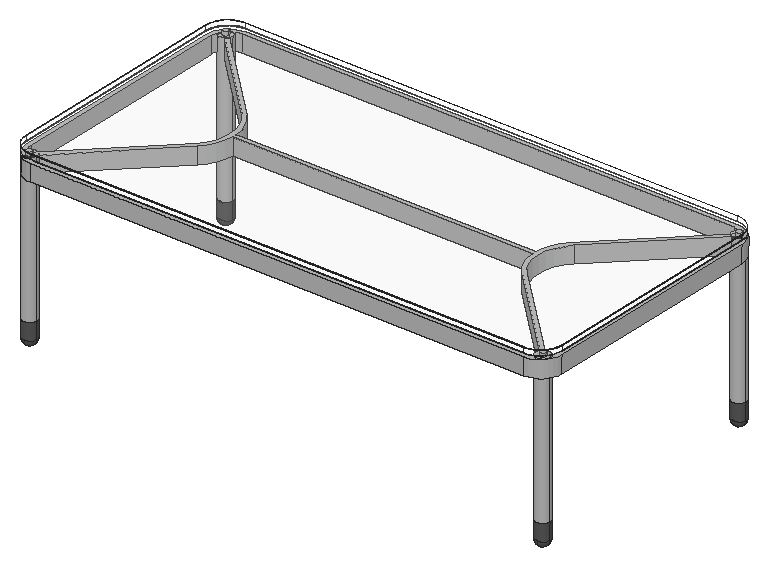
Revit family "805-48RL_Rectangle", category Furniture, Revit 2024
Family settings
  OmniClass Number = 23.40.20.00
  OmniClass Title = General Furniture and Specialties
  Work Plane-Based = No
  Enable Cutting in Views = No
  Always vertical = Yes
  Cut with Voids When Loaded = No
  Render Appearance Source = Family Geometry
  Shared = No
  Room Calculation Point = No
Parameters
  Top Width = 2' - 0"
  Top Length = 4' - 0"
  Overall Height = 1' - 3 31/32"
  Metal Frame = yes
  Default Elevation = 0' - 0"
  Crossbar Height = 0' - 1 1/2"
  Anklet = yes
Reference planes (in)
  plane 1 "Center Front/Back": y = 0
  plane 2: z = 0
  plane 3 "Center Left/Right": x = 0
Forms (in)
  Extrusion 1, solid, material "Glass"
    sketch origin (-10, -179.99165, 15.5) x (-1, 0, 0) y (0, -1, 0)
      loop
        arc (-32.051, -167.99165) -> (-33.42916, -168.5625) -> (-34.00001, -169.94066) r 1.94901
        line (-34.00001, -169.94066) -> (-34.00001, -190.02256)
        arc (-34.00001, -190.02256) -> (-33.42327, -191.41491) -> (-32.03092, -191.99165) r 1.96909
        line (-32.03092, -191.99165) -> (12.0309, -191.99165)
        arc (12.0309, -191.99165) -> (13.42326, -191.41491) -> (13.99999, -190.02256) r 1.96909
        line (13.99999, -190.02256) -> (13.99999, -169.94066)
        arc (13.99999, -169.94066) -> (13.42914, -168.5625) -> (12.05099, -167.99165) r 1.94901
        line (12.05099, -167.99165) -> (-32.051, -167.99165)
    from 0.5 to 0
  Extrusion 2, solid, material "Powder Coat - Cement"
    sketch origin (-10, -179.99165, 13.75) x (-1, 0, 0) y (0, -1, 0)
      loop
        line (3.4001, -180.17915) -> (-23.4001, -180.17915)
        arc (-23.4001, -180.17915) -> (-23.71767, -181.54931) -> (-24.47663, -182.73344) r 4.12987
        line (-24.47663, -182.73344) -> (-32.9813, -191.2381)
        arc (-32.9813, -191.2381) -> (-32.52728, -191.52503) -> (-31.99965, -191.62534) r 1.43784
        line (-31.99965, -191.62534) -> (12.0309, -191.62534)
        arc (12.0309, -191.62534) -> (12.54823, -191.52905) -> (12.99626, -191.25308) r 1.43784
        line (12.99626, -191.25308) -> (4.47679, -182.73361)
        arc (4.47679, -182.73361) -> (3.71771, -181.54942) -> (3.4001, -180.17915) r 4.12987
      loop
        arc (3.4001, -179.80415) -> (3.71772, -178.43387) -> (4.47681, -177.24967) r 4.12987
        line (4.47681, -177.24967) -> (12.99153, -168.73494)
        arc (12.99153, -168.73494) -> (12.55398, -168.47027) -> (12.05099, -168.37804) r 1.41776
        line (12.05099, -168.37804) -> (-32.01974, -168.37804)
        arc (-32.01974, -168.37804) -> (-32.53306, -168.47423) -> (-32.97673, -168.74976) r 1.41776
        line (-32.97673, -168.74976) -> (-24.47665, -177.24984)
        arc (-24.47665, -177.24984) -> (-23.71767, -178.43398) -> (-23.4001, -179.80415) r 4.12987
        line (-23.4001, -179.80415) -> (3.4001, -179.80415)
      loop
        arc (4.87298, -177.38382) -> (3.79278, -179.99165) -> (4.87298, -182.59947) r 3.68802
        line (4.87298, -182.59947) -> (13.27556, -191.00205)
        arc (13.27556, -191.00205) -> (13.53481, -190.56371) -> (13.62499, -190.0625) r 1.43784
        line (13.62499, -190.0625) -> (13.62499, -169.9833)
        arc (13.62499, -169.9833) -> (13.52586, -169.46247) -> (13.24233, -169.01447) r 1.41776
        line (13.24233, -169.01447) -> (4.87298, -177.38382)
      loop
        line (-32.03092, -191.99165) -> (12.0309, -191.99165)
        arc (12.0309, -191.99165) -> (13.42326, -191.41491) -> (13.99999, -190.02256) r 1.96909
        line (13.99999, -190.02256) -> (13.99999, -169.94066)
        arc (13.99999, -169.94066) -> (13.42914, -168.5625) -> (12.05099, -167.99165) r 1.94901
        line (12.05099, -167.99165) -> (-32.10307, -167.99165)
        arc (-32.10307, -167.99165) -> (-33.44441, -168.54725) -> (-34.00001, -169.88858) r 1.89693
        line (-34.00001, -169.88858) -> (-34.00001, -190.02256)
        arc (-34.00001, -190.02256) -> (-33.42327, -191.41491) -> (-32.03092, -191.99165) r 1.96909
      loop
        arc (-33.60937, -190.0625) -> (-33.52111, -190.55851) -> (-33.26715, -190.99362) r 1.43784
        line (-33.26715, -190.99362) -> (-24.86567, -182.59214)
        arc (-24.86567, -182.59214) -> (-23.79278, -179.99124) -> (-24.86625, -177.39057) r 3.68802
        line (-24.86625, -177.39057) -> (-33.23424, -169.02259)
        arc (-33.23424, -169.02259) -> (-33.51226, -169.46762) -> (-33.60937, -169.9833) r 1.41776
        line (-33.60937, -169.9833) -> (-33.60937, -190.0625)
    from 0 to 1.5 <- "Crossbar Height"
  Sweep 3, void
    path in 3D
      loop
        arc (-22.0309, 12, 16) -> (-23.42326, 11.42327, 16) -> (-23.99999, 10.03091, 16) r 1.96909
        line (-23.99999, 10.03091, 16) -> (-23.99999, -10.05099, 16)
        arc (-23.99999, -10.05099, 16) -> (-23.42914, -11.42915, 16) -> (-22.05099, -12, 16) r 1.94901
        line (-22.05099, -12, 16) -> (22.051, -12, 16)
        arc (22.051, -12, 16) -> (23.42916, -11.42915, 16) -> (24.00001, -10.05099, 16) r 1.94901
        line (24.00001, -10.05099, 16) -> (24.00001, 10.03091, 16)
        arc (24.00001, 10.03091, 16) -> (23.42327, 11.42327, 16) -> (22.03092, 12, 16) r 1.96909
        line (22.03092, 12, 16) -> (-22.0309, 12, 16)
    profile origin (0.00001, 12, 16) x (0, -1, 0) y (0, 0, 1)
      loop
        line (0, 0) -> (0, -0.03168) -> (0.03168, 0) -> (0, 0)
      loop
        line (0, -0.5) -> (0.03168, -0.5) -> (0, -0.46832) -> (0, -0.5)
  Extrusion 4, solid, material "Powder Coat - Cement", visible <- "Metal Frame"
    sketch origin (29.45608, -4.30775, 0) x (1, 0, 0) y (0, 1, 0)
      loop
        circle (-6.5, -6.66452) r 0.62557
    from 2.125 to 15.24993
  Extrusion 5, solid, material "Powder Coat - Cement", visible <- "Metal Frame"
    sketch origin (29.45608, 17.63679, 0) x (1, 0, 0) y (0, 1, 0)
      loop
        circle (-6.5, -6.66452) r 0.62557
    from 2.125 to 15.24993
  Extrusion 6, solid, material "Powder Coat - Cement", visible <- "Metal Frame"
    sketch origin (-26.47255, 184.38035, 18.28119) x (-1, 0, 0) y (0, -1, 0)
      loop
        circle (-3.5, 173.40625) r 0.25
    from -3.03126 to -2.78228
  Revolve 7, solid, material "Plastic - Black", visible <- "Anklet"
    sketch origin (22.82692, 10.97247, 48) x (-1, 0, 0) y (0, 0, 1)
      loop
        line (-0.12913, -47.99957) -> (-0.12913, -45.875) -> (-0.62912, -45.875) -> (-0.62912, -45.93757) -> (-0.7547, -45.93757) -> (-0.7547, -47.39729)
        arc (-0.7547, -47.39729) -> (-0.57001, -47.83148) -> (-0.12913, -47.99957) r 0.60271
      axis (-0.12913, -47.99957) -> (-0.12913, -45.875)
    angle from 0 to 360
  Revolve 8, solid, material "Plastic - Black", visible <- "Anklet"
    sketch origin (22.82692, -10.97208, 48) x (-1, 0, 0) y (0, 0, 1)
      loop
        line (-0.12913, -47.99957) -> (-0.12913, -45.875) -> (-0.62912, -45.875) -> (-0.62912, -45.93757) -> (-0.7547, -45.93757) -> (-0.7547, -47.39729)
        arc (-0.7547, -47.39729) -> (-0.57001, -47.83148) -> (-0.12913, -47.99957) r 0.60271
      axis (-0.12913, -47.99957) -> (-0.12913, -45.875)
    angle from 0 to 360
  Extrusion 9, solid, material "Powder Coat - Cement", visible <- "Metal Frame"
    sketch origin (26.47231, 184.38035, 18.28119) x (1, 0, 0) y (0, 1, 0)
      loop
        circle (-3.5, -173.40625) r 0.25
    from -3.03126 to -2.78228
  Extrusion 10, solid, material "Powder Coat - Cement", visible <- "Metal Frame"
    sketch origin (-26.47255, -184.3784, 18.28119) x (-1, 0, 0) y (0, -1, 0)
      loop
        circle (-3.5, -173.40625) r 0.25
    from -3.03126 to -2.78228
  Extrusion 11, solid, material "Powder Coat - Cement", visible <- "Metal Frame"
    sketch origin (26.47231, -184.3784, 18.28119) x (1, 0, 0) y (0, 1, 0)
      loop
        circle (-3.5, 173.40625) r 0.25
    from -3.03126 to -2.78228
  Extrusion 12, solid, material "Powder Coat - Cement", visible <- "Metal Frame"
    sketch origin (-29.45608, -4.30775, 0) x (-1, 0, 0) y (0, -1, 0)
      loop
        circle (-6.5, 6.66452) r 0.62557
    from 2.125 to 15.24993
  Extrusion 13, solid, material "Powder Coat - Cement", visible <- "Metal Frame"
    sketch origin (-29.45608, 17.63679, 0) x (-1, 0, 0) y (0, -1, 0)
      loop
        circle (-6.5, 6.66452) r 0.62557
    from 2.125 to 15.24993
  Revolve 14, solid, material "Plastic - Black", visible <- "Anklet"
    sketch origin (-22.82692, 10.97247, 48) x (1, 0, 0) y (0, 0, -1)
      loop
        arc (-0.12913, 47.99957) -> (-0.57001, 47.83148) -> (-0.7547, 47.39729) r 0.60271
        line (-0.7547, 47.39729) -> (-0.7547, 45.93757) -> (-0.62912, 45.93757) -> (-0.62912, 45.875) -> (-0.12913, 45.875) -> (-0.12913, 47.99957)
      axis (-0.12913, 47.99957) -> (-0.12913, 45.875)
    angle from 0 to 360
  Revolve 15, solid, material "Plastic - Black", visible <- "Anklet"
    sketch origin (-22.82692, -10.97208, 48) x (1, 0, 0) y (0, 0, -1)
      loop
        arc (-0.12913, 47.99957) -> (-0.57001, 47.83148) -> (-0.7547, 47.39729) r 0.60271
        line (-0.7547, 47.39729) -> (-0.7547, 45.93757) -> (-0.62912, 45.93757) -> (-0.62912, 45.875) -> (-0.12913, 45.875) -> (-0.12913, 47.99957)
      axis (-0.12913, 47.99957) -> (-0.12913, 45.875)
    angle from 0 to 360
Cuts and joins
  Sweep 3 cuts Extrusion 1
Lines and regions (in)
  sketch lines
    curve 1: line (22.03092, 12, 16) -> (-22.0309, 12, 16)
    curve 2: arc (-23.99999, 10.03091, 16) -> (-23.42326, 11.42327, 16) -> (-22.0309, 12, 16) r 1.96909
    curve 3: line (-23.99999, 10.03091, 16) -> (-23.99999, -10.05099, 16)
    curve 4: arc (-22.05099, -12, 16) -> (-23.42914, -11.42915, 16) -> (-23.99999, -10.05099, 16) r 1.94901
    curve 5: line (-22.05099, -12, 16) -> (22.051, -12, 16)
    curve 6: arc (24.00001, -10.05099, 16) -> (23.42916, -11.42915, 16) -> (22.051, -12, 16) r 1.94901
    curve 7: line (24.00001, -10.05099, 16) -> (24.00001, 10.03091, 16)
    curve 8: arc (22.03092, 12, 16) -> (23.42327, 11.42327, 16) -> (24.00001, 10.03091, 16) r 1.96909
  symbolic lines, style "Glass Top"
    curve 9: line (23.96833, 0, 15.5) -> (-23.96832, 0, 15.5)
    curve 10: line (-23.99999, 0, 15.53168) -> (-23.99999, 0, 15.96832)
    curve 11: line (-23.99999, 0, 15.96832) -> (-23.96832, 0, 16)
    curve 12: line (-23.96832, 0, 16) -> (23.96881, 0, 16)
    curve 13: line (24.00001, 0, 15.9688) -> (24.00001, 0, 15.53168)
    curve 14: line (0, 11.96843, 15.5) -> (0, -11.9688, 15.5)
    curve 15: line (0, -12.00017, 15.96875) -> (0, -11.96892, 16)
    curve 16: line (0, -11.96892, 16) -> (0, 11.96843, 16)
    curve 17: line (0, 11.96843, 16) -> (0, 12.00011, 15.96832)
    curve 18: line (0, 12.00011, 15.96832) -> (0, 12.00011, 15.53168)
    curve 19: line (0, 12.00011, 15.53168) -> (0, 11.96843, 15.5)
    curve 20: line (0, -11.9688, 15.5) -> (0, -12.00017, 15.53137)
    curve 21: line (-23.99999, 0, 15.53168) -> (-23.96832, 0, 15.5)
    curve 22: line (24.00001, 0, 15.53168) -> (23.96833, 0, 15.5)
    curve 23: line (24.00001, 0, 15.9688) -> (23.96881, 0, 16)
    curve 24: line (0, -12.00017, 15.96875) -> (0, -12.00017, 15.53137)
Dimensions and locks (in)
  aligned and locked: level to plane 2
